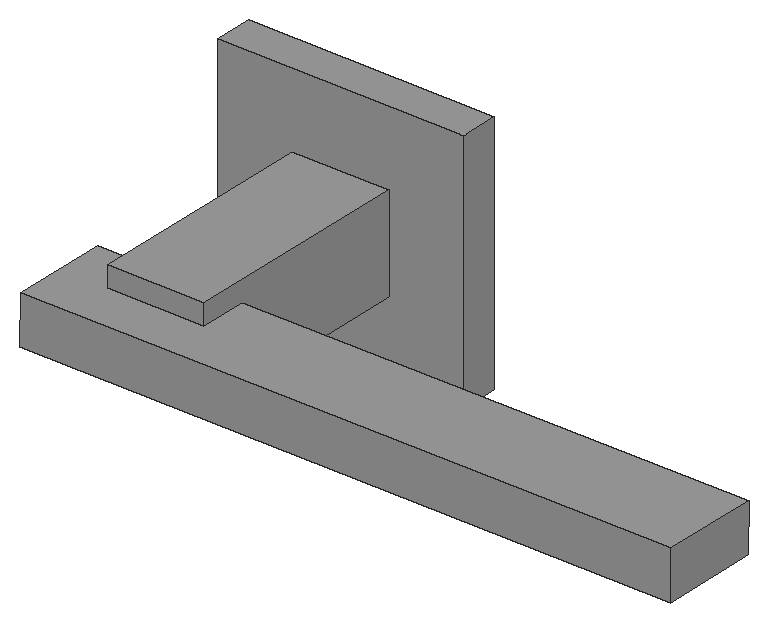
Revit family "DSQ904", category Generic Models, Revit 2013
Reference planes
  plane 1 "Center (Front/Back)": y = 0
  plane 2: z = 0
  plane 3 "Center (Left/Right)": x = 0
  plane 4: z = -4.346
  plane 5: z = 5.709
  plane 6: z = 10
  plane 7: z = -9.989
  plane 8: y = -0.001
  plane 9: y = -20.001
  plane 10: y = -9.907
Forms (mm)
  Extrusion 1, solid, material "STAINLESS STEEL"
    sketch origin (114, 38.096, 0) x (1, 0, 0) y (0, 0.000224, 1)
      loop
        line (-10, 10) -> (-10, -10) -> (10, -10) -> (10, 10) -> (-10, 10)
    from 0 to 48
  Extrusion 2, solid, material "STAINLESS STEEL"
    sketch origin (114, 0, -0.116) x (1, 0, 0) y (0, 0.000224, 1)
      loop
        line (-20, 5.82) -> (-20, -4.234) -> (115.141, -4.234) -> (115.141, 5.82) -> (-20, 5.82)
    from 0 to 20
  Extrusion 3, solid, material "STAINLESS STEEL"
    sketch origin (114, 38.093, 1200) x (1, 0, 0) y (0, 0, 1)
      loop
        line (-25.5, -1174.5) -> (-25.5, -1225.359) -> (25.5, -1225.359) -> (25.5, -1174.5) -> (-25.5, -1174.5)
    from -8 to 0
Cuts and joins
  joined: Extrusion 1, Extrusion 2, Extrusion 3
Lines and regions (mm)
  model lines
    curve 1: line (96.5, 38.093, 17.5) -> (131.5, 38.093, 17.5)
    curve 2: line (96.5, 38.093, -16.3) -> (96.5, 38.093, 17.5)
    curve 3: line (131.5, 38.093, -16.3) -> (96.5, 38.093, -16.3)
    curve 4: line (131.5, 38.093, 17.5) -> (131.5, 38.093, -16.3)
Dimensions and locks
  cut or joined group of Extrusion 1, Extrusion 2, Extrusion 3 to cut or joined group of Extrusion 1, Extrusion 2, Extrusion 3 = 51 mm  (x2)
  cut or joined group of Extrusion 1, Extrusion 2, Extrusion 3 to cut or joined group of Extrusion 1, Extrusion 2, Extrusion 3 = 50.859 mm
  cut or joined group of Extrusion 1, Extrusion 2, Extrusion 3 to cut or joined group of Extrusion 1, Extrusion 2, Extrusion 3 = 135.141 mm  (x2)
  plane 5 to plane 4 = 10.054 mm
  plane 6 to plane 7 = 19.989 mm
  plane 9 to plane 8 = 20 mm
  plane 9 to cut or joined group of Extrusion 1, Extrusion 2, Extrusion 3 = 58.094 mm
  cut or joined group of Extrusion 1, Extrusion 2, Extrusion 3 to cut or joined group of Extrusion 1, Extrusion 2, Extrusion 3 = 8 mm
  cut or joined group of Extrusion 1, Extrusion 2, Extrusion 3 to cut or joined group of Extrusion 1, Extrusion 2, Extrusion 3 = 20 mm
  aligned and locked: level to plane 2
  aligned and locked: cut or joined group of Extrusion 1, Extrusion 2, Extrusion 3 to plane 4
  aligned and locked: cut or joined group of Extrusion 1, Extrusion 2, Extrusion 3 to plane 5
